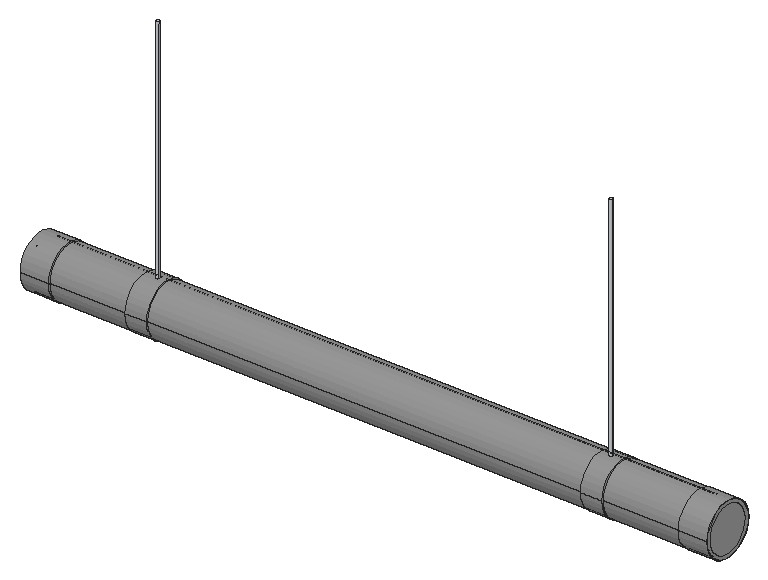
Revit family "JENNY_4000K_1500k", category Lighting Fixtures, host Ceiling, Revit 2021
Family settings
  Host = Ceiling
  Round Connector Dimension = Use Diameter
  Part Type = Normal
  OmniClass Number = 23.80.70.11
  OmniClass Title = Luminaries for Internal Lighting
  Always vertical = Yes
  Cut with Voids When Loaded = No
  Light Source = Yes
  Shared = No
  Room Calculation Point = No
Parameters (values of type "Type 1")
  Wattage = 10.0982 W
  built-in parameter 1150110 = 1 (stored number, unit not read)
  Type de lampe = "LED Edison"
  Type = "Tubulaire étanche"
  built-in parameter 1114217 = 1 (stored number, unit not read)
  Tilt Angle = 90.00°
  built-in parameter 1150109 = 1 (stored number, unit not read)
  built-in parameter 1150134 = 12
  built-in parameter 1150113 = 1 (stored number, unit not read)
  SDCM = "<5"
  Puissance nominale = "15W"
  Poids = "0,7 kgs"
  Photometric Web File = "google_eulumdat_converter (6).ies"
  Matériau = "Polycarbonate"
  Maintien du flux = "L80B10 (50 000 heures)"
  Lumens = 1500 lm
  built-in parameter 1150115 = 1 (stored number, unit not read)
  built-in parameter 1150105 = 352.5 (stored number, unit not read)
  built-in parameter 1150137 = (empty or 0)
  built-in parameter 1150139 = (empty or 0)
  built-in parameter 1150112 = 1 (stored number, unit not read)
  built-in parameter 1150114 = 1 (stored number, unit not read)
  built-in parameter 1150132 = 2
  built-in parameter 1150102 = (empty or 0)
  built-in parameter 1150138 = (empty or 0)
  built-in parameter 1150107 = 4000 (stored number, unit not read)
  built-in parameter 1150106 = 3.525 (stored number, unit not read)
  IRC = ">80"
  Emit from Line Length = 609.6 mm
  built-in parameter 1150104 = 13.8 (stored number, unit not read)
  Durée de vie = "50 000 heures"
  Driver = "Driver Lifud"
  Dimming Lamp Color Temperature Shift = <None>
  Dimensions = "Ø 45 x 600 mm"
  Diffuseur = "Opale"
  Default Elevation = 0 mm
  Color Filter = 16777215
  built-in parameter 1114218 = 1 (stored number, unit not read)
  built-in parameter 1150133 = 10 (stored number, unit not read)
  Angle d'éclairage = "120°"
  Alimentation = "AC 200-240V"
Reference planes
  plane 1 "Light Source Axis (F/B)": y = 0
  plane 2: z = 0
  plane 3 "Light Source Axis (L/R)": x = 0
  plane 4 "Ceiling": z = 4000
  plane 5 "Light Source Elevation": z = 3750
Forms (mm)
  Extrusion 1, solid, material "Glass, White, High Luminance"
    sketch origin (0, 0, 0) x (0, 1, 0) y (0, 0, 1)
      loop
        circle (0, 3772.5) r 22.5
      loop
        circle (0, 3772.5) r 20
    from -300 to 306.31
  Extrusion 2, solid, material "Aluminum"
    sketch origin (0, 0, 0) x (0, 1, 0) y (0, 0, 1)
      loop
        circle (0, 3772.5) r 23.001
    from 280.859 to 306.31
  Extrusion 3, solid, material "Aluminum"
    sketch origin (0, 0, 0) x (0, 1, 0) y (0, 0, -1)
      loop
        circle (0, -3772.5) r 23.001
    from 280.859 to 306.31
  Extrusion 4, solid, material "Aluminum"
    sketch origin (0, 0, 0) x (0, 1, 0) y (0, 0, 1)
      loop
        circle (0, 3772.5) r 22.5
      loop
        circle (0, 3772.5) r 23.001
    from 193.684 to 212.824
  Extrusion 5, solid, material "Aluminum"
    sketch origin (0, 0, 0) x (0, 1, 0) y (0, 0, -1)
      loop
        circle (0, -3772.5) r 22.5
      loop
        circle (0, -3772.5) r 23.001
    from 193.684 to 212.824
  Extrusion 6, solid
    sketch origin (0, 0, 4000) x (0, 1, 0) y (-1, 0, 0)
      loop
        circle (0, 202.205) r 1.43
    from -205 to 0
  Extrusion 7, solid
    sketch origin (0, 0, 4000) x (0, -1, 0) y (1, 0, 0)
      loop
        circle (0, 202.205) r 1.43
    from -205 to 0
Lines and regions (mm)
  reference lines
    curve 1: line (0, 0, 4000) -> (300, 0, 4000)
    curve 2: line (0, 0, 4000) -> (-300, 0, 4000)
    curve 3: line (0, 0, 3750) -> (0, 0, 3795)
Dimensions and locks
  equal spacing: host sketch curve, plane 3 "Light Source Axis (L/R)", host sketch curve
  equal spacing: host sketch curve, plane 1 "Light Source Axis (F/B)", host sketch curve
  host sketch curve to host sketch curve = 4000 mm  (x2)
  plane 4 "Ceiling" to host ceiling = 0 mm
  aligned and locked: plane 3 "Light Source Axis (L/R)" to imposter light
  aligned and locked: plane 1 "Light Source Axis (F/B)" to imposter light
  aligned and locked: plane 5 "Light Source Elevation" to imposter light
